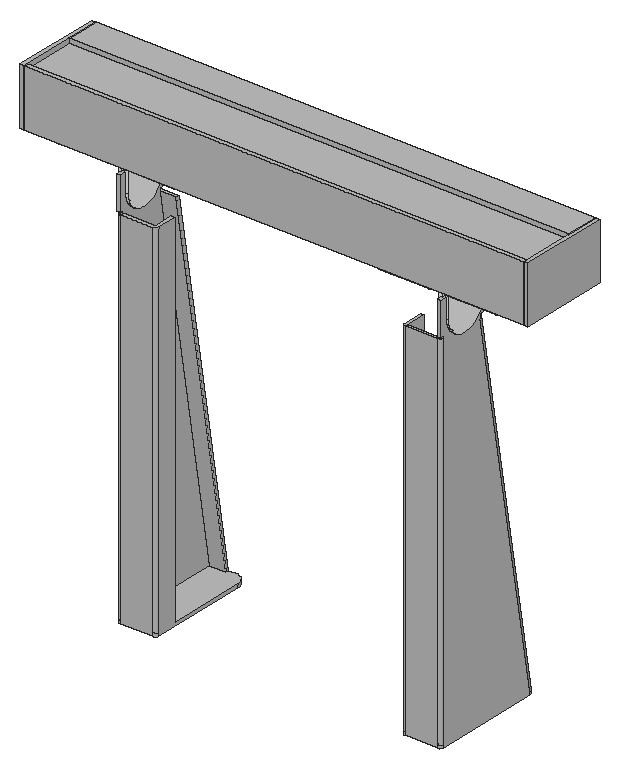
Revit family "4070744+4070747+4070772 Feilo Sylvania Lighting Fixtures CURSUS 306MM 207LM OVAL LED3K with SINGLE WALL HOUSING with 250MM WALL BRACKET", category Lighting Fixtures, host Face, Revit 2017
Family settings
  Host = Face
  Round Connector Dimension = Use Diameter
  Part Type = Normal
  OmniClass Number = 23.80.70.14
  OmniClass Title = Luminaries for External Lighting
  Cut with Voids When Loaded = Yes
  Light Source = No
  Shared = No
  Room Calculation Point = No
Parameters (values of type "4070744 CURSUS 306MM 207LM OVAL LED3K")
  Weight = "0.6 kg"
  Wattage Comments = "n/a"
  WarrantyStartDate [instance] = "n/a"
  WarrantyGuarantorParts = "n/a"
  WarrantyDurationUnit = "n/a"
  WarrantyDurationParts = "n/a"
  WarrantyDescription = "n/a"
  Voltage = 24 V
  URL = "http://www.sylvania-lighting.com"
  TypeName = "CURSUS 306MM 207LM OVAL LED3K"
  TypeFixture_FEILO = CURSUS with SINGLE WALL HOUSING : CURSUS 306MM 207LM OVAL LED3K
  Type Image = <None>
  Type Comments = "n/a"
  TiltAngle [instance] = 0.00°
  StartAngle [instance] = TiltAngle + 270.00°  # 270.00°
  SerialNumber [instance] = "n/a"
  ReflectorMaterial = none
  PowerFactor = 0
  PowerConsumption = "4.5 W"
  NominalLength = 306 mm
  NominalHeight = 50 mm
  NominalDepth = 30 mm
  Name = "CURSUS 306MM 207LM OVAL LED3K"
  ModelReference = Name  # "CURSUS 306MM 207LM OVAL LED3K"
  ModelNumber = "4070744"
  Model = Name  # "CURSUS 306MM 207LM OVAL LED3K"
  Material = "natural anodised extruded aluminium structure housing, optical system with pmma lenses diffuser"
  ManufacturerName = "Feilo Sylvania"
  Manufacturer = "Feilo Sylvania"
  LuminousEfficacy = "46 lm/W"
  LuminaireType = ""
  LightOutputRatio = "100"
  LampsType = Lamp  # "LED"
  LampNominalLuminous = "207 lm"
  LampMacAdamStep = "n/a"
  LampColourTemperature = "3000 K"
  LampColourRenderingIndex = "80"
  Lamp = "LED"
  Keynote = "16500"
  InstallationDate [instance] = "n/a"
  InputVoltage = "24V DC"
  InputNominalFrequency = "n/a"
  IngressProtection = "IP67"
  ImpactProtectionIndex = "IK07"
  IfcExportType = "IfcLightFixtureType"
  IfcExportAs = "IfcLightFixtureType"
  ExpectedLife = 50000
  EndAngle [instance] = StartAngle - 180.00°  # 90.00°
  ElectricShockClassification = "Class III"
  DurationUnit = "hours"
  DocumentationLiterature = "http://www.sylvania-lighting.com/product/en-int/products/4070744"
  DimmingControlOptions = "n/a"
  DiffuserMaterial = Diffuser-Sylvania-Glow
  Description = "LED Exterior Lighting Recessed Surface Mounted Linear Fixture, Natural anodised extruded aluminium structure. Die-cast aluminium end caps. Installation kit with harmonic steel springs., 207 lm, 4,5W, 46lm/W, 3000K, CRI80+,non dimmable,IP67, IK07, (HxWxD) 306x50x30mm, 3 step Mac Adam Ellipse, 0.6kg,, Classe III, 21-25V-DC, energy class : A++, A+, A"
  Default Elevation = 1219.2 mm
  CreatedOn = "1/8/2018"
  CreatedBy = ""
  Cost = 0
  built-in parameter 1114216 [instance] = (empty or 0)
  ClassificationValue = "EF_70_80"
  ClassificationName = "Uniclass2015"
  BracketWidth = 24 mm
  BracketThickness = 2 mm
  BracketHeightEnd = 32 mm
  BracketHeight = 70 mm
  BracketFlange = BracketHeight / 5  # 14 mm
  BracketExtension = 250 mm
  BracketEndReduction = 25 mm
  BracketC = 22 mm  # constant formula
  BracketDistance = 175 mm
  BracketD = BracketHeightEnd - (BracketC * (BracketHeight - BracketHeightEnd) / (BracketExtension - BracketEndReduction))  # 28.284 mm
  BodyMaterial = Body-Sylvania-Gray
  BarCode [instance] = "n/a"
  AssetType = "Fixed"
  AssetIdentifier [instance] = "n/a"
  Assembly Code = "D5020200"
  Apparent Load = 4.5 VA
  AccessoryMaterial = Diffuser-Sylvania-Glow
Reference planes
  plane 1 "Center (Front/Back)": y = 0
  plane 2: z = 0
  plane 3 "Center (Left/Right)": x = 0
  plane 4: x = -99.5
  plane 5: x = 99.5
  plane 6: y = 70
  plane 7: x = -75.5
  plane 8: x = 75.5
  plane 9: z = 250
  plane 10: z = 236
  plane 11: z = 2
  plane 12: z = 225
  plane 13: x = -97.5
  plane 14: y = 68
  plane 15: y = 2
  plane 16: x = -77.5
  plane 17: x = 77.5
  plane 18: x = 97.5
  plane 19: x = -87.5
  plane 20: x = 87.5
  plane 21: y = 14
  plane 22: y = 32
  plane 23: y = 30
  plane 24: z = 247
  plane 25: y = 28.284
  plane 26: y = 16
Forms (mm)
  Blend 1, solid, material "Body-Sylvania-Gray" <- "BodyMaterial"
    base sketch origin (1223.4, -4572, 2) x (0, -1, 0) y (1, 0, 0)
      loop
        line (-4640, -1310.9) -> (-4642, -1310.9) -> (-4642, -1320.9)
        arc (-4642, -1320.9) -> (-4641.414, -1322.314) -> (-4640, -1322.9) r 2
        line (-4640, -1322.9) -> (-4574, -1322.9)
        arc (-4574, -1322.9) -> (-4572.586, -1322.314) -> (-4572, -1320.9) r 2
        line (-4572, -1320.9) -> (-4572, -1300.9)
        arc (-4572, -1300.9) -> (-4572.586, -1299.486) -> (-4574, -1298.9) r 2
        line (-4574, -1298.9) -> (-4586, -1298.9) -> (-4586, -1300.9) -> (-4574, -1300.9) -> (-4574, -1320.9) -> (-4640, -1320.9) -> (-4640, -1310.9)
    top sketch origin (1223.4, -4572, 2) x (0, -1, 0) y (1, 0, 0)
      loop
        line (-4586, -1300.9) -> (-4574, -1300.9) -> (-4574, -1320.9) -> (-4602, -1320.9) -> (-4602, -1310.9) -> (-4604, -1310.9) -> (-4604, -1320.9)
        arc (-4604, -1320.9) -> (-4603.52, -1322.21) -> (-4602.309, -1322.9) r 2.028
        line (-4602.309, -1322.9) -> (-4574, -1322.9)
        arc (-4574, -1322.9) -> (-4572.586, -1322.314) -> (-4572, -1320.9) r 2
        line (-4572, -1320.9) -> (-4572, -1300.9)
        arc (-4572, -1300.9) -> (-4572.586, -1299.486) -> (-4574, -1298.9) r 2
        line (-4574, -1298.9) -> (-4586, -1298.9) -> (-4586, -1300.9)
    from 0 to 223
  Extrusion 2, solid, material "Body-Sylvania-Gray" <- "BodyMaterial"
    sketch origin (0, 0, 0) x (1, 0, 0) y (0, 1, 0)
      loop
        arc (-97.5, 70) -> (-98.914, 69.414) -> (-99.5, 68) r 2
        line (-99.5, 68) -> (-99.5, 2)
        arc (-99.5, 2) -> (-98.914, 0.586) -> (-97.5, 0) r 2
        line (-97.5, 0) -> (-77.5, 0)
        arc (-77.5, 0) -> (-76.086, 0.586) -> (-75.5, 2) r 2
        line (-75.5, 2) -> (-75.5, 62.5)
        arc (-75.5, 62.5) -> (-77.697, 67.803) -> (-83, 70) r 7.5
        line (-83, 70) -> (-97.5, 70)
      loop
        line (97.5, 70) -> (83, 70)
        arc (83, 70) -> (77.697, 67.803) -> (75.5, 62.5) r 7.5
        line (75.5, 62.5) -> (75.5, 2)
        arc (75.5, 2) -> (76.086, 0.586) -> (77.5, 0) r 2
        line (77.5, 0) -> (97.5, 0)
        arc (97.5, 0) -> (98.914, 0.586) -> (99.5, 2) r 2
        line (99.5, 2) -> (99.5, 68)
        arc (99.5, 68) -> (98.914, 69.414) -> (97.5, 70) r 2
    from 0 to 2
  Blend 3, solid, material "Body-Sylvania-Gray" <- "BodyMaterial"
    base sketch origin (1223.4, -4572, 2) x (0, -1, 0) y (1, 0, 0)
      loop
        line (-4640, -1125.9) -> (-4574, -1125.9) -> (-4574, -1145.9) -> (-4586, -1145.9) -> (-4586, -1147.9) -> (-4574, -1147.9)
        arc (-4574, -1147.9) -> (-4572.586, -1147.314) -> (-4572, -1145.9) r 2
        line (-4572, -1145.9) -> (-4572, -1125.9)
        arc (-4572, -1125.9) -> (-4572.586, -1124.486) -> (-4574, -1123.9) r 2
        line (-4574, -1123.9) -> (-4640, -1123.9)
        arc (-4640, -1123.9) -> (-4641.414, -1124.486) -> (-4642, -1125.9) r 2
        line (-4642, -1125.9) -> (-4642, -1135.9) -> (-4640, -1135.9) -> (-4640, -1125.9)
    top sketch origin (1223.4, -4572, 2) x (0, -1, 0) y (1, 0, 0)
      loop
        line (-4602, -1135.9) -> (-4602, -1125.9) -> (-4574, -1125.9) -> (-4574, -1145.9) -> (-4586, -1145.9) -> (-4586, -1147.9) -> (-4574, -1147.9)
        arc (-4574, -1147.9) -> (-4572.586, -1147.314) -> (-4572, -1145.9) r 2
        line (-4572, -1145.9) -> (-4572, -1125.9)
        arc (-4572, -1125.9) -> (-4572.586, -1124.486) -> (-4574, -1123.9) r 2
        line (-4574, -1123.9) -> (-4602, -1123.9)
        arc (-4602, -1123.9) -> (-4603.414, -1124.486) -> (-4604, -1125.9) r 2
        line (-4604, -1125.9) -> (-4604, -1135.9) -> (-4602, -1135.9)
    from 0 to 223
  Blend 4, solid, material "Body-Sylvania-Gray" <- "BodyMaterial"
    base sketch origin (1223.4, -4572, 225) x (0, -1, 0) y (1, 0, 0)
      loop
        line (-4604, -1322.9) -> (-4572, -1322.9) -> (-4572, -1320.9) -> (-4604, -1320.9) -> (-4604, -1322.9)
    top sketch origin (1223.4, -4572, 225) x (0, -1, 0) y (1, 0, 0)
      loop
        line (-4572, -1322.9) -> (-4572, -1320.9) -> (-4600.284, -1320.9) -> (-4600.284, -1322.9) -> (-4572, -1322.9)
    from 0 to 22
  Blend 5, solid, material "Body-Sylvania-Gray" <- "BodyMaterial"
    base sketch origin (1223.4, -4572, 225) x (0, -1, 0) y (1, 0, 0)
      loop
        line (-4604, -1125.9) -> (-4572, -1125.9) -> (-4572, -1123.9) -> (-4604, -1123.9) -> (-4604, -1125.9)
    top sketch origin (1223.4, -4572, 225) x (0, -1, 0) y (1, 0, 0)
      loop
        line (-4572, -1123.9) -> (-4600.284, -1123.9) -> (-4600.284, -1125.9) -> (-4572, -1125.9) -> (-4572, -1123.9)
    from 0 to 22
  Extrusion 6, void
    sketch origin (0, 0, 0) x (0, 1, 0) y (0, 0, 1)
      loop
        line (0, 225) -> (2, 225) -> (2, 226.5) -> (0, 226.5) -> (0, 225)
      loop
        line (32, 225) -> (32, 226.5) -> (30, 226.5) -> (30, 225) -> (32, 225)
    from -99.5 to 99.5
  Revolve 7, solid, not visible
    sketch origin (1524, 16, 1219.2) x (1, 0, 0) y (0, 0, 1)
      loop
        line (-1524, -972.2) -> (-1524, -983.2) -> (-1436.5, -983.2) -> (-1436.5, -972.2) -> (-1524, -972.2)
      axis (-1436.5, -983.2) -> (-1524, -983.2)
    angle from 270 <- "StartAngle" to 90 <- "EndAngle"
Cuts and joins
  Extrusion 6 cuts Blend 4
  Extrusion 6 cuts Blend 5
  joined: Blend 1, Extrusion 2, Blend 3, Blend 4, Blend 5
Lines and regions (mm)
  reference lines, not visible
    curve 1: line (-75.5, 16, 236) -> (75.5, 16, 236)
Dimensions and locks
  equal spacing: plane 4, plane 3 "Center (Left/Right)", plane 5
  "BracketDistance": plane 19 to plane 20
  "BracketHeight": plane 1 "Center (Front/Back)" to plane 6
  equal spacing: plane 7, plane 3 "Center (Left/Right)", plane 8
  "BracketWidth": plane 4 to plane 7
  "BracketExtension": plane 9 to plane 2
  "BracketThickness": plane 11 to plane 2
  "BracketEndReduction": plane 9 to plane 12
  equal spacing: plane 13, plane 3 "Center (Left/Right)", plane 18
  equal spacing: plane 16, plane 3 "Center (Left/Right)", plane 17
  "BracketThickness": plane 4 to plane 13
  "BracketThickness": plane 16 to plane 7
  "BracketThickness": plane 14 to plane 6
  "BracketThickness": plane 1 "Center (Front/Back)" to plane 15
  equal spacing: plane 4, plane 19, plane 7
  equal spacing: plane 8, plane 20, plane 5
  "BracketFlange": plane 1 "Center (Front/Back)" to plane 21
  "BracketHeightEnd": plane 1 "Center (Front/Back)" to plane 22
  "BracketThickness": plane 23 to plane 22
  locked: Extrusion 2 sketch curve to plane 7 at 7.5
  locked: Extrusion 2 sketch curve to plane 6 at 7.5  (x2)
  locked: plane 8 to Extrusion 2 sketch curve at 7.5
  "BracketC": plane 24 to plane 12
  "BracketD": plane 1 "Center (Front/Back)" to plane 25
  locked: plane 12 to Extrusion 6 sketch curve at 1.5
  equal spacing: plane 24, plane 10, plane 12
  equal spacing: plane 1 "Center (Front/Back)", plane 26, plane 22
  aligned and locked: plane 2 to host face
  aligned and locked: level to host face
  aligned and locked: plane 4 to Blend 1 sketch curve  (x2)
  aligned and locked: plane 13 to Blend 1 sketch curve  (x3)
  aligned and locked: Blend 1 sketch curve to plane 15
  aligned and locked: Blend 1 sketch curve to plane 16
  aligned and locked: Blend 1 sketch curve to plane 21
  aligned and locked: plane 7 to Blend 1 sketch curve
  aligned and locked: plane 16 to Blend 1 sketch curve
  aligned and locked: plane 1 "Center (Front/Back)" to Blend 1 sketch curve
  aligned and locked: plane 14 to Blend 1 sketch curve
  aligned and locked: Blend 1 sketch curve to var sketch  (x6)
  aligned and locked: Blend 1 sketch curve to plane 19
  aligned and locked: Blend 1 sketch curve to plane 22
  aligned and locked: plane 23 to Blend 1 sketch curve
  aligned and locked: plane 11 to Blend 1
  aligned and locked: Extrusion 2 sketch curve to Blend 1  (x3)
  aligned and locked: Extrusion 2 to level
  aligned and locked: Extrusion 2 to plane 11
  aligned and locked: Extrusion 2 sketch curve to plane 7
  aligned and locked: plane 18 to Blend 3 sketch curve  (x4)
  aligned and locked: plane 14 to Blend 3 sketch curve  (x2)
  aligned and locked: Blend 3 sketch curve to plane 20
  aligned and locked: Blend 3 sketch curve to plane 6
  aligned and locked: plane 5 to Blend 3 sketch curve
  aligned and locked: plane 1 "Center (Front/Back)" to Blend 3 sketch curve
  aligned and locked: plane 15 to Blend 3 sketch curve  (x2)
  aligned and locked: Blend 3 sketch curve to plane 8
  aligned and locked: Blend 3 sketch curve to plane 21
  aligned and locked: plane 17 to Blend 3 sketch curve
  aligned and locked: Blend 3 sketch curve to plane 18
  aligned and locked: plane 20 to Blend 3 sketch curve  (x2)
  aligned and locked: Blend 3 sketch curve to plane 23
  aligned and locked: Blend 3 sketch curve to var sketch  (x8)
  aligned and locked: var sketch to Blend 3 sketch curve
  aligned and locked: plane 22 to Blend 3 sketch curve
  aligned and locked: plane 11 to Blend 3
  aligned and locked: Extrusion 2 sketch curve to Blend 3  (x4)
  aligned and locked: Blend 1 to plane 12
  aligned and locked: Blend 3 to plane 12
  aligned and locked: Blend 4 sketch curve to plane 22
  aligned and locked: Blend 4 sketch curve to cut or joined group of Blend 1, Extrusion 2, Blend 3, Blend 4, Blend 5, Extrusion 6  (x2)
  aligned and locked: cut or joined group of Blend 1, Extrusion 2, Blend 3, Blend 4, Blend 5, Extrusion 6 to Blend 4 sketch curve
  aligned and locked: Blend 4 sketch curve to var sketch  (x2)
  aligned and locked: Blend 4 sketch curve to plane 13
  aligned and locked: Blend 4 to plane 24
  aligned and locked: Blend 4 sketch curve to plane 25
  aligned and locked: Blend 5 sketch curve to plane 18  (x2)
  aligned and locked: plane 1 "Center (Front/Back)" to Blend 5 sketch curve
  aligned and locked: plane 5 to Blend 5 sketch curve
  aligned and locked: plane 22 to Blend 5 sketch curve
  aligned and locked: Blend 5 sketch curve to var sketch
  aligned and locked: var sketch to Blend 5 sketch curve
  aligned and locked: Blend 5 sketch curve to plane 25
  aligned and locked: Blend 5 to plane 24
  aligned and locked: plane 12 to Blend 5
  aligned and locked: Extrusion 6 sketch curve to cut or joined group of Blend 1, Extrusion 2, Blend 3, Blend 4, Blend 5, Extrusion 6  (x2)
  aligned and locked: Extrusion 6 sketch curve to Extrusion 6 sketch curve
  aligned and locked: Extrusion 6 sketch curve to plane 15
  aligned and locked: plane 5 to Extrusion 6
  aligned and locked: Extrusion 6 to plane 4
  aligned and locked: Extrusion 6 sketch curve to plane 23
  aligned and locked: Revolve 7 sketch curve to plane 10  (x2)
  aligned and locked: plane 24 to Revolve 7 sketch curve
  aligned and locked: plane 3 "Center (Left/Right)" to Revolve 7 sketch curve
  aligned and locked: Revolve 7 sketch curve to plane 20
  aligned and locked: plane 7 to curve 1
  aligned and locked: plane 10 to curve 1
  aligned and locked: nested 1 to plane 5
  aligned and locked: nested 2 to plane 4
  aligned and locked: nested 1 to curve 1
  aligned and locked: nested 2 to curve 1
  aligned and locked: nested 1 to nested 3
  aligned and locked: nested 3 to plane 3 "Center (Left/Right)"
Automatic sketch dimensions
  host sketch curve to host sketch curve = 2438.4 mm  (x2)
  Blend 1 sketch curve to plane 13 = 0 mm
  plane 15 to Blend 1 sketch curve = 0 mm  (x3)
  Blend 1 sketch curve to plane 23 = 0.309 mm
  plane 6 to Blend 1 sketch curve = 0 mm
  plane 14 to Blend 1 sketch curve = 0 mm
  Blend 1 sketch curve to plane 19 = 0 mm
  Blend 3 sketch curve to plane 17 = 0 mm
  Extrusion 6 sketch curve to plane 1 "Center (Front/Back)" = 0 mm
  plane 12 to Extrusion 6 sketch curve = 0 mm
  Revolve 7 sketch curve to plane 4 = 1153 mm
  plane 5 to Revolve 7 sketch curve = 1161.4 mm
  curve 1 to plane 8 = 0 mm
Nested families
  nested 1: "MountingPlate" at (98.5, 16, 236) x (-1, 0, 0) z (0, 0, 1), type "MountingPlate"
  nested 2: "MountingPlate" at (-98.5, 16, 236) x (-1, 0, 0) z (0, 0, 1), type "MountingPlate"
  nested 3: "CURSUS with SINGLE WALL HOUSING" at (0, -4, 254) x (-1, 0, 0) z (0, 0, 1), type <- "TypeFixture_FEILO", type "CURSUS 306MM 207LM OVAL LED3K"
    with WarrantyStartDate "n/a", SerialNumber "n/a", InstallationDate "n/a", EndCapRight yes, EndCapLeft yes, built-in parameter 1114216 (empty or 0), BarCode "n/a", AssetIdentifier "n/a"
Connectors
  electrical at (0, 0, 0), driven by "Voltage", driven by "Apparent Load", driven by "PowerFactor"
    settings: index 1, voltage 24 V, apparent load 4.5 VA, apparent load phase1 0 VA, apparent load phase2 0 VA, apparent load phase3 0 VA, power factor 0, load classification "Other", number of poles 1, system type 30, power factor state 1, is connector primary yes, connector utility no, sub classification motor no, connector description ""
Definition of nested family "MountingPlate"
  Parameters (values of type "MountingPlate")
    URL = "http://www.feilosylvania.com"
    Type Comments = "n/a"
    ReflectorMaterial = none
    MountingPlateWidth = 76 mm
    MountingPlateThickness = 2 mm
    MountingPlateRadiusBack = 12 mm
    MountingPlateRadius = 3 mm
    MountingPlateHeight = 35 mm
    Model = "n/a"
    Manufacturer = "Feilo Sylvania"
    Keynote = "n/a"
    DiffuserMaterial = none
    Description = "n/a"
    Default Elevation = 1219.2 mm
    Cost = 0
    BodyMaterial = none
    Assembly Code = "n/a"
    AccessoryMaterial = none
  Reference planes
    plane 1 "Center (Front/Back)": y = 0
    plane 2: z = 0
    plane 3 "Center (Left/Right)": x = 0
    plane 4: x = -38
    plane 5: x = 38
    plane 6: y = 17.5
    plane 7: y = -17.5
    plane 8: x = -3
    plane 9: x = 3
    plane 10: z = 18
    plane 11: z = 16
    plane 12: y = 12.5
    plane 13: y = -12.5
    plane 14: x = -1
    plane 15: x = 1
    plane 16: z = -12.5
    plane 17: z = -14.5
  Forms (mm)
    Extrusion 1, solid
      sketch origin (1.653, 0, 0) x (1, 0, 0) y (0, 1, 0)
        loop
          line (-1219.2, 1219.2) -> (-1219.2, -1219.2) -> (1219.2, -1219.2) -> (1219.2, 1219.2) -> (-1219.2, 1219.2)
      from 0 to -304.8
    Extrusion 2, solid, material <- "BodyMaterial"
      sketch origin (1218.4, -4572, 16) x (0, -1, 0) y (-1, 0, 0)
        loop
          line (-4589.5, 1253.4) -> (-4589.5, 1224.4)
          arc (-4589.5, 1224.4) -> (-4588.621, 1222.279) -> (-4586.5, 1221.4) r 3
          line (-4586.5, 1221.4) -> (-4557.5, 1221.4)
          arc (-4557.5, 1221.4) -> (-4555.379, 1222.279) -> (-4554.5, 1224.4) r 3
          line (-4554.5, 1224.4) -> (-4554.5, 1253.4)
          arc (-4554.5, 1253.4) -> (-4555.379, 1255.521) -> (-4557.5, 1256.4) r 3
          line (-4557.5, 1256.4) -> (-4586.5, 1256.4)
          arc (-4586.5, 1256.4) -> (-4588.621, 1255.521) -> (-4589.5, 1253.4) r 3
        loop
          arc (-4589.5, 1183.4) -> (-4588.621, 1181.279) -> (-4586.5, 1180.4) r 3
          line (-4586.5, 1180.4) -> (-4557.5, 1180.4)
          arc (-4557.5, 1180.4) -> (-4555.379, 1181.279) -> (-4554.5, 1183.4) r 3
          line (-4554.5, 1183.4) -> (-4554.5, 1212.4)
          arc (-4554.5, 1212.4) -> (-4555.379, 1214.521) -> (-4557.5, 1215.4) r 3
          line (-4557.5, 1215.4) -> (-4586.5, 1215.4)
          arc (-4586.5, 1215.4) -> (-4588.621, 1214.521) -> (-4589.5, 1212.4) r 3
          line (-4589.5, 1212.4) -> (-4589.5, 1183.4)
      from 0 to -2
    Extrusion 3, solid, material <- "BodyMaterial"
      sketch origin (0, 0, 0) x (1, 0, 0) y (0, 0, 1)
        loop
          line (-3, 18) -> (-3, -12.5) -> (-1, -12.5) -> (-1, 16)
          arc (-1, 16) -> (-1.586, 17.414) -> (-3, 18) r 2
        loop
          line (3, -12.5) -> (3, 18)
          arc (3, 18) -> (1.586, 17.414) -> (1, 16) r 2
          line (1, 16) -> (1, -12.5) -> (3, -12.5)
      from -12.5 to 12.5
    Extrusion 4, void
      sketch origin (0, 0, 0) x (0, 1, 0) y (0, 0, 1)
        loop
          line (-12.5, -0.5) -> (-17.5, -0.5) -> (-17.5, -14.5) -> (-0.5, -14.5) -> (-0.5, -12.5)
          arc (-0.5, -12.5) -> (-8.985, -8.985) -> (-12.5, -0.5) r 12
        loop
          line (0.5, -12.5) -> (0.5, -14.5) -> (17.5, -14.5) -> (17.5, -0.5) -> (12.5, -0.5)
          arc (12.5, -0.5) -> (8.985, -8.985) -> (0.5, -12.5) r 12
      from -3 to 3
  Cuts and joins
    Extrusion 4 cuts Extrusion 2
    Extrusion 4 cuts Extrusion 3
    joined: Extrusion 2, Extrusion 3
  Lines and regions (mm)
    reference lines
      curve 1: line (-38, 0, 0) -> (38, 0, 0)
  Dimensions and locks
    equal spacing: plane 4, plane 3 "Center (Left/Right)", plane 5
    "MountingPlateWidth": plane 4 to plane 5
    equal spacing: plane 7, plane 1 "Center (Front/Back)", plane 6
    "MountingPlateHeight": plane 7 to plane 6
    equal spacing: plane 8, plane 3 "Center (Left/Right)", plane 9
    "MountingPlateHeight": plane 4 to plane 8
    locked: plane 10 to plane 2 at 18
    "MountingPlateThickness": plane 10 to plane 11
    equal spacing: plane 13, plane 1 "Center (Front/Back)", plane 12
    locked: plane 13 to plane 12 at 25
    "MountingPlateRadius": plane 4 to Extrusion 2 sketch curve  (x2)
    "MountingPlateRadius": Extrusion 2 sketch curve to plane 6  (x4)
    "MountingPlateRadius": Extrusion 2 sketch curve to plane 8  (x2)
    "MountingPlateRadius": plane 7 to Extrusion 2 sketch curve  (x4)
    "MountingPlateRadius": plane 9 to Extrusion 2 sketch curve  (x2)
    "MountingPlateRadius": Extrusion 2 sketch curve to plane 5  (x2)
    equal spacing: plane 15, plane 3 "Center (Left/Right)", plane 14
    "MountingPlateThickness": plane 14 to plane 8
    locked: plane 2 to plane 16 at 12.5
    locked: plane 17 to plane 16 at 2
    "MountingPlateRadiusBack": plane 13 to Extrusion 4 sketch curve
    "MountingPlateRadiusBack": plane 16 to Extrusion 4 sketch curve  (x2)
    "MountingPlateRadiusBack": Extrusion 4 sketch curve to plane 12
    aligned and locked: plane 2 to Extrusion 1
    aligned and locked: level to Extrusion 1
    aligned and locked: Extrusion 2 sketch curve to plane 6
    aligned and locked: Extrusion 2 sketch curve to plane 4
    aligned and locked: plane 7 to Extrusion 2 sketch curve
    aligned and locked: plane 8 to Extrusion 2 sketch curve
    aligned and locked: plane 6 to Extrusion 2 sketch curve
    aligned and locked: Extrusion 2 sketch curve to plane 5
    aligned and locked: Extrusion 2 sketch curve to plane 7
    aligned and locked: plane 9 to Extrusion 2 sketch curve
    aligned and locked: Extrusion 2 to plane 10
    aligned and locked: plane 11 to Extrusion 2
    aligned and locked: Extrusion 3 sketch curve to Extrusion 2  (x2)
    aligned and locked: plane 16 to Extrusion 3 sketch curve  (x2)
    aligned and locked: plane 14 to Extrusion 3 sketch curve
    aligned and locked: plane 9 to Extrusion 3 sketch curve
    aligned and locked: plane 15 to Extrusion 3 sketch curve
    aligned and locked: Extrusion 3 to plane 12
    aligned and locked: plane 13 to Extrusion 3
    aligned and locked: plane 17 to Extrusion 4 sketch curve  (x2)
    aligned and locked: Extrusion 4 sketch curve to plane 7
    aligned and locked: Extrusion 4 sketch curve to plane 6
    aligned and locked: plane 9 to Extrusion 4
    aligned and locked: Extrusion 4 to plane 8
    aligned and locked: plane 4 to curve 1
    aligned and locked: curve 1 to level
  Automatic sketch dimensions
    Extrusion 1 sketch curve to Extrusion 1 sketch curve = 2438.4 mm  (x2)
    Extrusion 3 sketch curve to plane 11 = 0 mm
    curve 1 to plane 5 = 0 mm
    Extrusion 4 sketch curve to plane 13 = 0 mm
    Extrusion 4 sketch curve to plane 12 = 0 mm
Definition of nested family "CURSUS with SINGLE WALL HOUSING"
  Parameters (values of type "CURSUS 1161MM 827LM OVAL LED 3K")
    Width_FEILO = 35 mm
    Weight = "2.2 kg"
    Wattage Comments = "n/a"
    Wattage = 18 W
    WarrantyStartDate [instance] = "n/a"
    WarrantyGuarantorParts = "n/a"
    WarrantyDurationUnit = "n/a"
    WarrantyDurationParts = "n/a"
    WarrantyDescription = "n/a"
    WallThickness_FEILO = 2.5 mm
    built-in parameter 1150110 = 1 (stored number, unit not read)
    Voltage = 24 V
    URL = "http://www.feilosylvania.com"
    TypeName = "CURSUS 1161MM 827LM OVAL LED 3K"
    Type Image = (empty or 0)
    Type Comments = "n/a"
    built-in parameter 1114217 = 1 (stored number, unit not read)
    Tilt Angle = -90.00°
    built-in parameter 1150109 = 1 (stored number, unit not read)
    built-in parameter 1150134 = (empty or 0)
    built-in parameter 1150113 = 1 (stored number, unit not read)
    SerialNumber [instance] = "n/a"
    ReflectorMaterial = none
    PowerFactor = 0
    PowerConsumption = "18 W"
    Photometric Web File = "4070765.ies"
    NominalLength = 1161 mm
    NominalHeight = 50 mm
    NominalDepth = 30 mm
    Name = "CURSUS 1161MM 827LM OVAL LED 3K"
    ModelReference = Name  # "CURSUS 1161MM 827LM OVAL LED 3K"
    ModelNumber = ""
    Model = Name  # "CURSUS 1161MM 827LM OVAL LED 3K"
    Material = "natural anodised extruded aluminium structure housing, optical system with pmma lenses diffuser"
    ManufacturerName = "Feilo Sylvania"
    Manufacturer = "Feilo Sylvania"
    LuminousEfficacy = "45.94 lm/W"
    built-in parameter 1150105 = 1166.5 (stored number, unit not read)
    Lumens = 827 lm
    LuminaireType = ""
    built-in parameter 1150115 = 1 (stored number, unit not read)
    LightOutputRatio = "100"
    built-in parameter 1150137 = (empty or 0)
    built-in parameter 1150139 = (empty or 0)
    Length_FEILO = 1167 mm
    LampsType = Lamp  # "LED"
    LampNominalLuminous = "827 lm"
    LampMacAdamStep = "n/a"
    LampColourTemperature = "3000 K"
    LampColourRenderingIndex = "80"
    built-in parameter 1150112 = 1 (stored number, unit not read)
    built-in parameter 1150114 = 1 (stored number, unit not read)
    Lamp = "LED"
    Keynote = "16500"
    InstallationDate [instance] = "n/a"
    InputVoltage = "24V DC"
    InputNominalFrequency = "n/a"
    built-in parameter 1150132 = (empty or 0)
    built-in parameter 1150102 = (empty or 0)
    built-in parameter 1150107 = 3000 (stored number, unit not read)
    built-in parameter 1150138 = (empty or 0)
    IngressProtection = "IP67"
    ImpactProtectionIndex = "IK07"
    built-in parameter 1150106 = 11.665 (stored number, unit not read)
    IfcExportType = "IfcLightFixtureType"
    IfcExportAs = "IfcLightFixtureType"
    ExpectedLife = 50000
    EndCapRight [instance] = yes
    EndCapLeft [instance] = yes
    Emit from Rectangle Width = Width_FEILO - WallThickness_FEILO * 2  # 30 mm
    Emit from Rectangle Length = Length_FEILO - WallThickness_FEILO * 2  # 1162 mm
    Emit Shape Visible in Rendering = no
    ElectricShockClassification = "Class III"
    built-in parameter 1150104 = 4.2684 (stored number, unit not read)
    DurationUnit = "hours"
    DocumentationLiterature = "http://www.feilosylvania.com/product/en-int/products/4070765"
    DimmingControlOptions = "n/a"
    Dimming Lamp Color Temperature Shift = (empty or 0)
    DiffuserMaterial = none
    Description = "LED Exterior Lighting Recessed Surface Mounted Linear Fixture, Natural anodised extruded aluminium structure. Die-cast aluminium end caps. Installation kit with harmonic steel springs., 827 lm, 18W, 45lm/W, 3000K, CRI80+,non dimmable,IP67, IK07, (HxWxD) 1161x50x30mm, 3 step Mac Adam Ellipse, 2.2kg,, Classe III, 21-25V-DC, energy class : A++, A+, A"
    Default Elevation = 1219.2 mm
    CreatedOn = "1/8/2018"
    CreatedBy = "aron.fodor@feilosylvania.com"
    Cost = 0
    Color Filter = 16777215
    built-in parameter 1114216 [instance] = (empty or 0)
    ClassificationValue = "EF_70_80"
    ClassificationName = "Uniclass2015"
    BodyMaterial = none
    BarCode [instance] = "n/a"
    built-in parameter 1114218 = 1 (stored number, unit not read)
    built-in parameter 1150133 = 10 (stored number, unit not read)
    AssetType = "Fixed"
    AssetIdentifier [instance] = "n/a"
    Assembly Code = "D5020200"
    Apparent Load = 18 VA
    AccessoryMaterial = none
  Types (16, lengths in mm): name | Weight | Wattage | Voltage | TypeName | built-in parameter 1150134 | PowerConsumption | Photometric Web File | NominalLength | Name | ModelReference | Model | Material | LuminousEfficacy | built-in parameter 1150105 | Lumens | Length_FEILO | LampNominalLuminous | LampColourTemperature | InputVoltage | InputNominalFrequency | built-in parameter 1150107 | built-in parameter 1150106 | Emit from Rectangle Length | built-in parameter 1150104 | DocumentationLiterature | Description | Apparent Load
    CURSUS 1161MM 827LM OVAL LED 3K | "2.2 kg" | 18 W | 24 V | "CURSUS 1161MM 827LM OVAL LED 3K" | (empty or 0) | "18 W" | "4070765.ies" | 1161 | "CURSUS 1161MM 827LM OVAL LED 3K" | "CURSUS 1161MM 827LM OVAL LED 3K" | "CURSUS 1161MM 827LM OVAL LED 3K" | "natural anodised extruded aluminium structure housing, optical system with pmma lenses diffuser" | "45.94 lm/W" | 1166.5 (stored number, unit not read) | 827 lm | 1167 | "827 lm" | "3000 K" | "24V DC" | "n/a" | 3000 (stored number, unit not read) | 11.665 (stored number, unit not read) | 1162 | 4.2684 (stored number, unit not read) | "http://www.feilosylvania.com/product/en-int/products/4070765" | "LED Exterior Lighting Recessed Surface Mounted Linear Fixture, Natural anodised extruded aluminium structure. Die-cast aluminium end caps. Installation kit with harmonic steel springs., 827 lm, 18W, 45lm/W, 3000K, CRI80+,non dimmable,IP67, IK07, (HxWxD) 1161x50x30mm, 3 step Mac Adam Ellipse, 2.2kg,, Classe III, 21-25V-DC, energy class : A++, A+, A" | 18 VA
    CURSUS 1161MM 731LM WIDE LED 3K | "2.2 kg" | 18 W | 230 V | "CURSUS 1161MM 731LM WIDE LED 3K" | (empty or 0) | "18 W" | "4070764.ies" | 1161 | "CURSUS 1161MM 731LM WIDE LED 3K" | "CURSUS 1161MM 731LM WIDE LED 3K" | "CURSUS 1161MM 731LM WIDE LED 3K" | "natural anodised extruded aluminium structure housing" | "40.61 lm/W" | 403.47 (stored number, unit not read) | 731 lm | 1167 | "731 lm" | "3000 K" | "220-240V~" | "n/a" | 3000 (stored number, unit not read) | 4.0347 (stored number, unit not read) | 1162 | 3.7729 (stored number, unit not read) | "http://www.feilosylvania.com/product/en-int/products/4070764" | "LED Exterior Lighting Recessed Surface Mounted Linear Fixture, Natural anodised extruded aluminium structure. Die-cast aluminium end caps. Installation kit with harmonic steel springs., 731 lm, 18W, 40lm/W, 3000K, CRI80+,non dimmable,IP67, IK07, (HxWxD) 1161x50x30mm, 3 step Mac Adam Ellipse, 2.2kg,, Classe III, 21-25V-DC, energy class : A++, A+, A" | 18 VA
    CURSUS 1161MM 871LM OVAL LED 4K | "2.2 kg" | 18 W | 24 V | "CURSUS 1161MM 871LM OVAL LED 4K" | 12 | "18 W" | "4070763.ies" | 1161 | "CURSUS 1161MM 871LM OVAL LED 4K" | "CURSUS 1161MM 871LM OVAL LED 4K" | "CURSUS 1161MM 871LM OVAL LED 4K" | "natural anodised extruded aluminium structure housing, optical system with pmma lenses diffuser" | "48.38 lm/W" | 1192.8 (stored number, unit not read) | 871 lm | 1167 | "871 lm" | "4000 K" | "24V DC" | "50/60 Hz" | 4000 (stored number, unit not read) | 11.928 (stored number, unit not read) | 1162 | 4.4955 (stored number, unit not read) | "http://www.feilosylvania.com/product/en-int/products/4070763" | "LED Exterior Lighting Recessed Surface Mounted Linear Fixture, Natural anodised extruded aluminium structure. Die-cast aluminium end caps. Installation kit with harmonic steel springs., 871 lm, 18W,  48lm/W, 4000K, CRI80+,non dimmable,IP67, IK07, (HxWxD) 1161x50x30mm, 3 step Mac Adam Ellipse, 2.2kg,, Classe III, 21-25V-DC, energy class : A++, A+, A" | 18 VA
    CURSUS 1161MM 770LM WIDE LED 4K | "2.2 kg" | 18 W | 230 V | "CURSUS 1161MM 770LM WIDE LED 4K" | 12 | "18 W" | "4070762.ies" | 1161 | "CURSUS 1161MM 770LM WIDE LED 4K" | "CURSUS 1161MM 770LM WIDE LED 4K" | "CURSUS 1161MM 770LM WIDE LED 4K" | "natural anodised extruded aluminium structure housing" | "42.77 lm/W" | 424.94 (stored number, unit not read) | 770 lm | 1167 | "770 lm" | "4000 K" | "220-240V~" | "n/a" | 4000 (stored number, unit not read) | 4.2494 (stored number, unit not read) | 1162 | 3.9742 (stored number, unit not read) | "http://www.feilosylvania.com/product/en-int/products/4070762" | "LED Exterior Lighting Recessed Surface Mounted Linear Fixture, Natural anodised extruded aluminium structure. Die-cast aluminium end caps. Installation kit with harmonic steel springs., 770 lm, 18W,  42lm/W, 4000K, CRI80+,non dimmable,IP67, IK07, (HxWxD) 1161x50x30mm, 3 step Mac Adam Ellipse, 2.2kg,, Classe III, 21-25V-DC, energy class : A++, A+, A" | 18 VA
    CURSUS 876MM 620LM OVAL LED 3K | "1.7 kg" | 13.5 W | 24 V | "CURSUS 876MM 620LM OVAL LED 3K" | (empty or 0) | "13.5 W" | "4070758.ies" | 876 | "CURSUS 876MM 620LM OVAL LED 3K" | "CURSUS 876MM 620LM OVAL LED 3K" | "CURSUS 876MM 620LM OVAL LED 3K" | "natural anodised extruded aluminium structure housing, optical system with pmma lenses diffuser" | "45.92 lm/W" | 874.55 (stored number, unit not read) | 620 lm | 882 | "620 lm" | "3000 K" | "24V DC" | "50/60 Hz" | 3000 (stored number, unit not read) | 8.7455 (stored number, unit not read) | 877 | 4.2667 (stored number, unit not read) | "http://www.feilosylvania.com/product/en-int/products/4070758" | "LED Exterior Lighting Recessed Surface Mounted Linear Fixture, Natural anodised extruded aluminium structure. Die-cast aluminium end caps. Installation kit with harmonic steel springs., 620 lm, 13,5W, 45lm/W, 3000K, CRI80+,non dimmable,IP67, IK07, (HxWxD) 876x50x30mm, 3 step Mac Adam Ellipse, 1.7kg,, Classe III, 21-25V-DC, energy class : A++, A+, A" | 13.5 VA
    CURSUS 876MM 548LM WIDE LED 3K | "1.7 kg" | 13.5 W | 24 V | "CURSUS 876MM 548LM WIDE LED 3K" | (empty or 0) | "13.5 W" | "4070757.ies" | 876 | "CURSUS 876MM 548LM WIDE LED 3K" | "CURSUS 876MM 548LM WIDE LED 3K" | "CURSUS 876MM 548LM WIDE LED 3K" | "natural anodised extruded aluminium structure housing" | "40.59 lm/W" | 302.47 (stored number, unit not read) | 548 lm | 882 | "548 lm" | "3000 K" | "24V DC" | "n/a" | 3000 (stored number, unit not read) | 3.0247 (stored number, unit not read) | 877 | 3.7712 (stored number, unit not read) | "http://www.feilosylvania.com/product/en-int/products/4070757" | "LED Exterior Lighting Recessed Surface Mounted Linear Fixture, Natural anodised extruded aluminium structure. Die-cast aluminium end caps. Installation kit with harmonic steel springs., 548 lm, 13,5W, 40lm/W, 3000K, CRI80+,non dimmable,IP67, IK07, (HxWxD) 876x50x30mm, 3 step Mac Adam Ellipse, 1.7kg,, Classe III, 21-25V-DC, energy class : A++, A+, A" | 13.5 VA
    CURSUS 876MM 653LM OVAL LED 4K | "1.7 kg" | 13.5 W | 24 V | "CURSUS 876MM 653LM OVAL LED 4K" | 12 | "13.5 W" | "4070756.ies" | 876 | "CURSUS 876MM 653LM OVAL LED 4K" | "CURSUS 876MM 653LM OVAL LED 4K" | "CURSUS 876MM 653LM OVAL LED 4K" | "natural anodised extruded aluminium structure housing, optical system with pmma lenses diffuser" | "48.37 lm/W" | 894.28 (stored number, unit not read) | 653 lm | 882 | "653 lm" | "4000 K" | "24V DC" | "n/a" | 4000 (stored number, unit not read) | 8.9428 (stored number, unit not read) | 877 | 4.4938 (stored number, unit not read) | "http://www.feilosylvania.com/product/en-int/products/4070756" | "LED Exterior Lighting Recessed Surface Mounted Linear Fixture, Natural anodised extruded aluminium structure. Die-cast aluminium end caps. Installation kit with harmonic steel springs., 653 lm, 13,5W,  48lm/W, 4000K, CRI80+,non dimmable,IP67, IK07, (HxWxD) 876x50x30mm, 3 step Mac Adam Ellipse, 1.7kg,, Classe III, 21-25V-DC, energy class : A++, A+, A" | 13.5 VA
    CURSUS 876MM 577LM WIDE LED 4K | "1.7 kg" | 13.5 W | 24 V | "CURSUS 876MM 577LM WIDE LED 4K" | 12 | "13.5 W" | "4070755.ies" | 876 | "CURSUS 876MM 577LM WIDE LED 4K" | "CURSUS 876MM 577LM WIDE LED 4K" | "CURSUS 876MM 577LM WIDE LED 4K" | "natural anodised extruded aluminium structure housing" | "42.74 lm/W" | 318.43 (stored number, unit not read) | 577 lm | 882 | "577 lm" | "4000 K" | "24V DC" | "n/a" | 4000 (stored number, unit not read) | 3.1843 (stored number, unit not read) | 877 | 3.9707 (stored number, unit not read) | "http://www.feilosylvania.com/product/en-int/products/4070755" | "LED Exterior Lighting Recessed Surface Mounted Linear Fixture, Natural anodised extruded aluminium structure. Die-cast aluminium end caps. Installation kit with harmonic steel springs., 577 lm, 13,5W,  42lm/W, 4000K, CRI80+,non dimmable,IP67, IK07, (HxWxD) 876x50x30mm, 3 step Mac Adam Ellipse, 1.7kg,, Classe III, 21-25V-DC, energy class : A++, A+, A" | 13.5 VA
    CURSUS 591MM 414LM OVAL LED 3K | "1.2 kg" | 9 W | 24 V | "CURSUS 591MM 414LM OVAL LED 3K" | (empty or 0) | "9 W" | "4070751.ies" | 591 | "CURSUS 591MM 414LM OVAL LED 3K" | "CURSUS 591MM 414LM OVAL LED 3K" | "CURSUS 591MM 414LM OVAL LED 3K" | "natural anodised extruded aluminium structure housing, optical system with pmma lenses diffuser" | "46 lm/W" | 583.97 (stored number, unit not read) | 414 lm | 597 | "414 lm" | "3000 K" | "24V DC" | "n/a" | 3000 (stored number, unit not read) | 5.8397 (stored number, unit not read) | 592 | 4.2735 (stored number, unit not read) | "http://www.feilosylvania.com/product/en-int/products/4070751" | "LED Exterior Lighting Recessed Surface Mounted Linear Fixture, Natural anodised extruded aluminium structure. Die-cast aluminium end caps. Installation kit with harmonic steel springs., 414 lm, 9W, 46lm/W, 3000K, CRI80+,non dimmable,IP67, IK07, (HxWxD) 591x50x30mm, 3 step Mac Adam Ellipse, 1.2kg,, Classe III, 21-25V-DC, energy class : A++, A+, A" | 9 VA
    CURSUS 591MM 365LM WIDE LED 3K | "1.2 kg" | 9 W | 24 V | "CURSUS 591MM 365LM WIDE LED 3K" | (empty or 0) | "9 W" | "4070750.ies" | 591 | "CURSUS 591MM 365LM WIDE LED 3K" | "CURSUS 591MM 365LM WIDE LED 3K" | "CURSUS 591MM 365LM WIDE LED 3K" | "natural anodised extruded aluminium structure housing" | "40.55 lm/W" | 201.45 (stored number, unit not read) | 365 lm | 597 | "365 lm" | "3000 K" | "24V DC" | "n/a" | 3000 (stored number, unit not read) | 2.0145 (stored number, unit not read) | 592 | 3.7677 (stored number, unit not read) | "http://www.feilosylvania.com/product/en-int/products/4070750" | "LED Exterior Lighting Recessed Surface Mounted Linear Fixture, Natural anodised extruded aluminium structure. Die-cast aluminium end caps. Installation kit with harmonic steel springs., 365 lm, 9W, 40lm/W, 3000K, CRI80+,non dimmable,IP67, IK07, (HxWxD) 591x50x30mm, 3 step Mac Adam Ellipse, 1.2kg,, Classe III, 21-25V-DC, energy class : A++, A+, A" | 9 VA
    CURSUS 591MM 435LM OVAL LED 4K | "1.2 kg" | 9 W | 24 V | "CURSUS 591MM 435LM OVAL LED 4K" | 12 | "9 W" | "4070749.ies" | 591 | "CURSUS 591MM 435LM OVAL LED 4K" | "CURSUS 591MM 435LM OVAL LED 4K" | "CURSUS 591MM 435LM OVAL LED 4K" | "natural anodised extruded aluminium structure housing, optical system with pmma lenses diffuser" | "48.33 lm/W" | 595.73 (stored number, unit not read) | 435 lm | 597 | "435 lm" | "4000 K" | "24V DC" | "n/a" | 4000 (stored number, unit not read) | 5.9573 (stored number, unit not read) | 592 | 4.4903 (stored number, unit not read) | "http://www.feilosylvania.com/product/en-int/products/4070749" | "LED Exterior Lighting Recessed Surface Mounted Linear Fixture, Natural anodised extruded aluminium structure. Die-cast aluminium end caps. Installation kit with harmonic steel springs., 435 lm, 9W, 48lm/W, 4000K, CRI80+,non dimmable,IP67, IK07, (HxWxD) 591x50x30mm, 3 step Mac Adam Ellipse, 1.2kg,, Classe III, 21-25V-DC, energy class : A++, A+, A" | 9 VA
    CURSUS 591MM 385LM WIDE LED 4K | "1.2 kg" | 9 W | 24 V | "CURSUS 591MM 385LM WIDE LED 4K" | 12 | "9 W" | "4070748.ies" | 591 | "CURSUS 591MM 385LM WIDE LED 4K" | "CURSUS 591MM 385LM WIDE LED 4K" | "CURSUS 591MM 385LM WIDE LED 4K" | "natural anodised extruded aluminium structure housing" | "42.77 lm/W" | 212.47 (stored number, unit not read) | 385 lm | 597 | "385 lm" | "4000 K" | "24V DC" | "n/a" | 4000 (stored number, unit not read) | 2.1247 (stored number, unit not read) | 592 | 3.9742 (stored number, unit not read) | "http://www.feilosylvania.com/product/en-int/products/4070748" | "LED Exterior Lighting Recessed Surface Mounted Linear Fixture, Natural anodised extruded aluminium structure. Die-cast aluminium end caps. Installation kit with harmonic steel springs., 385 lm, 9W,  42lm/W, 4000K, CRI80+,non dimmable,IP67, IK07, (HxWxD) 591x50x30mm, 3 step Mac Adam Ellipse, 1.2kg,, Classe III, 21-25V-DC, energy class : A++, A+, A" | 9 VA
    CURSUS 306MM 207LM OVAL LED3K | "0.6 kg" | 4.5 W | 24 V | "CURSUS 306MM 207LM OVAL LED3K" | (empty or 0) | "4.5 W" | "4070744.ies" | 306 | "CURSUS 306MM 207LM OVAL LED3K" | "CURSUS 306MM 207LM OVAL LED3K" | "CURSUS 306MM 207LM OVAL LED3K" | "natural anodised extruded aluminium structure housing, optical system with pmma lenses diffuser" | "46 lm/W" | 291.98 (stored number, unit not read) | 207 lm | 312 | "207 lm" | "3000 K" | "24V DC" | "n/a" | 3000 (stored number, unit not read) | 2.9198 (stored number, unit not read) | 307 | 4.2735 (stored number, unit not read) | "http://www.feilosylvania.com/product/en-int/products/4070744" | "LED Exterior Lighting Recessed Surface Mounted Linear Fixture, Natural anodised extruded aluminium structure. Die-cast aluminium end caps. Installation kit with harmonic steel springs., 207 lm, 4,5W, 46lm/W, 3000K, CRI80+,non dimmable,IP67, IK07, (HxWxD) 306x50x30mm, 3 step Mac Adam Ellipse, 0.6kg,, Classe III, 21-25V-DC, energy class : A++, A+, A" | 4.5 VA
    CURSUS 306MM 183LM WIDE LED 3K | "0.6 kg" | 4.5 W | 24 V | "CURSUS 306MM 183LM WIDE LED 3K" | (empty or 0) | "4.5 W" | "4070743.ies" | 306 | "CURSUS 306MM 183LM WIDE LED 3K" | "CURSUS 306MM 183LM WIDE LED 3K" | "CURSUS 306MM 183LM WIDE LED 3K" | "natural anodised extruded aluminium structure housing" | "40.66 lm/W" | 101.01 (stored number, unit not read) | 183 lm | 312 | "183 lm" | "3000 K" | "24V DC" | "n/a" | 3000 (stored number, unit not read) | 1.0101 (stored number, unit not read) | 307 | 3.7781 (stored number, unit not read) | "http://www.feilosylvania.com/product/en-int/products/4070743" | "LED Exterior Lighting Recessed Surface Mounted Linear Fixture, Natural anodised extruded aluminium structure. Die-cast aluminium end caps. Installation kit with harmonic steel springs., 183 lm, 4,5W, 40lm/W, 3000K, CRI80+,non dimmable,IP67, IK07, (HxWxD) 306x50x30mm, 3 step Mac Adam Ellipse, 0.6kg,, Classe III, 21-25V-DC, energy class : A++, A+, A" | 4.5 VA
    CURSUS 306MM 218LM OVAL LED 4K | "0.6 kg" | 4.5 W | 24 V | "CURSUS 306MM 218LM OVAL LED 4K" | 12 | "4.5 W" | "4070742.ies" | 306 | "CURSUS 306MM 218LM OVAL LED 4K" | "CURSUS 306MM 218LM OVAL LED 4K" | "CURSUS 306MM 218LM OVAL LED 4K" | "natural anodised extruded aluminium structure housing, optical system with pmma lenses diffuser" | "48.44 lm/W" | 298.55 (stored number, unit not read) | 218 lm | 312 | "218 lm" | "4000 K" | "24V DC" | "n/a" | 4000 (stored number, unit not read) | 2.9855 (stored number, unit not read) | 307 | 4.5006 (stored number, unit not read) | "http://www.feilosylvania.com/product/en-int/products/4070742" | "LED Exterior Lighting Recessed Surface Mounted Linear Fixture, Natural anodised extruded aluminium structure. Die-cast aluminium end caps. Installation kit with harmonic steel springs., 218 lm, 4,5W,  48lm/W, 4000K, CRI80+,non dimmable,IP67, IK07, (HxWxD) 306x50x30mm, 3 step Mac Adam Ellipse, 0.6kg,, Classe III, 21-25V-DC, energy class : A++, A+, A" | 4.5 VA
    CURSUS 306MM 192LM WIDE LED 4K | "0.6 kg" | 4.5 W | 24 V | "CURSUS 306MM 192LM WIDE LED 4K" | 12 | "4.5 W" | "4070741.ies" | 306 | "CURSUS 306MM 192LM WIDE LED 4K" | "CURSUS 306MM 192LM WIDE LED 4K" | "CURSUS 306MM 192LM WIDE LED 4K" | "natural anodised extruded aluminium structure housing" | "42.66 lm/W" | 105.96 (stored number, unit not read) | 192 lm | 312 | "192 lm" | "4000 K" | "24V DC" | "n/a" | 4000 (stored number, unit not read) | 1.0596 (stored number, unit not read) | 307 | 3.9639 (stored number, unit not read) | "http://www.feilosylvania.com/product/en-int/products/4070741" | "LED Exterior Lighting Recessed Surface Mounted Linear Fixture, Natural anodised extruded aluminium structure. Die-cast aluminium end caps. Installation kit with harmonic steel springs., 192 lm, 4,5W,  42lm/W, 4000K, CRI80+,non dimmable,IP67, IK07, (HxWxD) 306x50x30mm, 3 step Mac Adam Ellipse, 0.6kg,, Classe III, 21-25V-DC, energy class : A++, A+, A" | 4.5 VA
  Reference planes
    plane 1 "Center (Front/Back)": y = 0
    plane 2: z = 0
    plane 3 "Center (Left/Right)": x = 0
    plane 4: x = 583.5
    plane 5: x = -583.5
    plane 6: x = -581
    plane 7: x = 581
    plane 8: z = 35
    plane 9: z = 17.5
    plane 10: z = 32.5
    plane 11: z = 2.5
    plane 12: z = 30
    plane 13: z = 5
    plane 14: y = -55
    plane 15: y = -53
    plane 16: y = -2.5
    plane 17: y = -37
    plane 18: y = -34.5
  Forms (mm)
    Extrusion 1, solid
      sketch origin (4.2, 0, 0) x (1, 0, 0) y (0, 1, 0)
        loop
          line (-1219.2, 1219.2) -> (-1219.2, -1219.2) -> (1219.2, -1219.2) -> (1219.2, 1219.2) -> (-1219.2, 1219.2)
      from 0 to -304.8
    Extrusion 2, solid, material <- "BodyMaterial"
      sketch origin (0, 0, 0) x (0, 1, 0) y (0, 0, 1)
        loop
          line (0, 35) -> (-2.5, 35) -> (-2.5, 32.5) -> (-34.5, 32.5) -> (-34.5, 35) -> (-55, 35) -> (-55, 32.5) -> (-37, 32.5) -> (-37, 30) -> (-2.5, 30) -> (-2.5, 5) -> (-37, 5) -> (-37, 2.5) -> (-55, 2.5) -> (-55, 0) -> (-34.5, 0) -> (-34.5, 2.5) -> (-2.5, 2.5) -> (-2.5, 0) -> (0, 0) -> (0, 35)
      from -581 to 581
    Extrusion 3, solid, material <- "DiffuserMaterial"
      sketch origin (0, 0, 0) x (0, 1, 0) y (0, 0, 1)
        loop
          line (-37, 32.5) -> (-55, 32.5) -> (-55, 19.5) -> (-53, 17.5) -> (-55, 15.5) -> (-55, 2.5) -> (-37, 2.5) -> (-37, 32.5)
      from -581 to 581
    Extrusion 4, solid, material <- "BodyMaterial", visible <- "EndCapRight"
      sketch origin (581, 1524, 1219.2) x (0, 1, 0) y (0, 0, 1)
        loop
          line (-1579, -1184.2) -> (-1579, -1219.2) -> (-1524, -1219.2) -> (-1524, -1184.2) -> (-1579, -1184.2)
      from 0 to 2.5
    Extrusion 5, solid, material <- "BodyMaterial", visible <- "EndCapLeft"
      sketch origin (-581, 1524, 1219.2) x (0, 1, 0) y (0, 0, 1)
        loop
          line (-1579, -1184.2) -> (-1579, -1219.2) -> (-1524, -1219.2) -> (-1524, -1184.2) -> (-1579, -1184.2)
      from -2.5 to 0
  Dimensions and locks
    equal spacing: plane 5, plane 3 "Center (Left/Right)", plane 4
    "Length_FEILO": plane 5 to plane 4
    equal spacing: plane 6, plane 3 "Center (Left/Right)", plane 7
    "WallThickness_FEILO": plane 5 to plane 6
    locked: plane 9 to plane 2 at 17.5
    locked: plane 8 to plane 2 at 35
    equal spacing: plane 11, plane 9, plane 10
    equal spacing: plane 13, plane 9, plane 12
    "WallThickness_FEILO": plane 12 to plane 10
    locked: plane 14 to plane 15 at 2
    locked: plane 14 to plane 17 at 18
    "WallThickness_FEILO": plane 17 to plane 18
    "WallThickness_FEILO": plane 16 to plane 1 "Center (Front/Back)"
    locked: plane 15 to Extrusion 3 sketch curve (angle 45.00°)
    locked: Extrusion 3 sketch curve to plane 15 (angle 45.00°)
    aligned and locked: plane 2 to Extrusion 1
    aligned and locked: level to Extrusion 1
    aligned and locked: plane 1 "Center (Front/Back)" to Extrusion 2 sketch curve
    aligned and locked: Extrusion 2 sketch curve to plane 8  (x2)
    aligned and locked: plane 16 to Extrusion 2 sketch curve
    aligned and locked: Extrusion 1 to Extrusion 2 sketch curve
    aligned and locked: Extrusion 2 sketch curve to plane 16  (x2)
    aligned and locked: Extrusion 2 sketch curve to plane 11
    aligned and locked: plane 18 to Extrusion 2 sketch curve
    aligned and locked: level to Extrusion 2 sketch curve
    aligned and locked: plane 11 to Extrusion 2 sketch curve
    aligned and locked: Extrusion 2 sketch curve to plane 17
    aligned and locked: plane 13 to Extrusion 2 sketch curve
    aligned and locked: Extrusion 2 sketch curve to plane 12
    aligned and locked: plane 10 to Extrusion 2 sketch curve  (x2)
    aligned and locked: plane 17 to Extrusion 2 sketch curve  (x2)
    aligned and locked: plane 12 to Extrusion 2 sketch curve
    aligned and locked: Extrusion 2 sketch curve to plane 10
    aligned and locked: Extrusion 2 sketch curve to plane 18
    aligned and locked: plane 7 to Extrusion 2
    aligned and locked: Extrusion 2 to plane 6
    aligned and locked: Extrusion 3 sketch curve to Extrusion 2  (x4)
    aligned and locked: Extrusion 2 to Extrusion 3 sketch curve
    aligned and locked: plane 9 to Extrusion 3 sketch curve
    aligned and locked: plane 7 to Extrusion 3
    aligned and locked: Extrusion 3 to plane 6
    aligned and locked: Extrusion 4 sketch curve to Extrusion 2  (x4)
    aligned and locked: plane 4 to Extrusion 4
    aligned and locked: Extrusion 4 to plane 7
    aligned and locked: Extrusion 5 sketch curve to Extrusion 4  (x3)
    aligned and locked: Extrusion 5 sketch curve to Extrusion 2
    aligned and locked: Extrusion 5 to plane 5
    aligned and locked: plane 6 to Extrusion 5
    aligned and locked: plane 14 to imposter light
    aligned and locked: imposter light to plane 9
    aligned and locked: plane 3 "Center (Left/Right)" to imposter light
  Automatic sketch dimensions
    Extrusion 1 sketch curve to Extrusion 1 sketch curve = 2438.4 mm  (x2)
    Extrusion 2 sketch curve to plane 14 = 0 mm  (x2)
    Extrusion 3 sketch curve to plane 15 = 0 mm
  Connectors
    electrical at (0, 0, 0), driven by "Apparent Load", driven by "PowerFactor", driven by "Voltage"
      settings: index 1, voltage 24 V, apparent load 18 VA, apparent load phase1 0 VA, apparent load phase2 0 VA, apparent load phase3 0 VA, power factor 0, load classification none, number of poles 1, system type 30, power factor state 1, is connector primary yes, connector utility no, sub classification motor no, connector description ""
